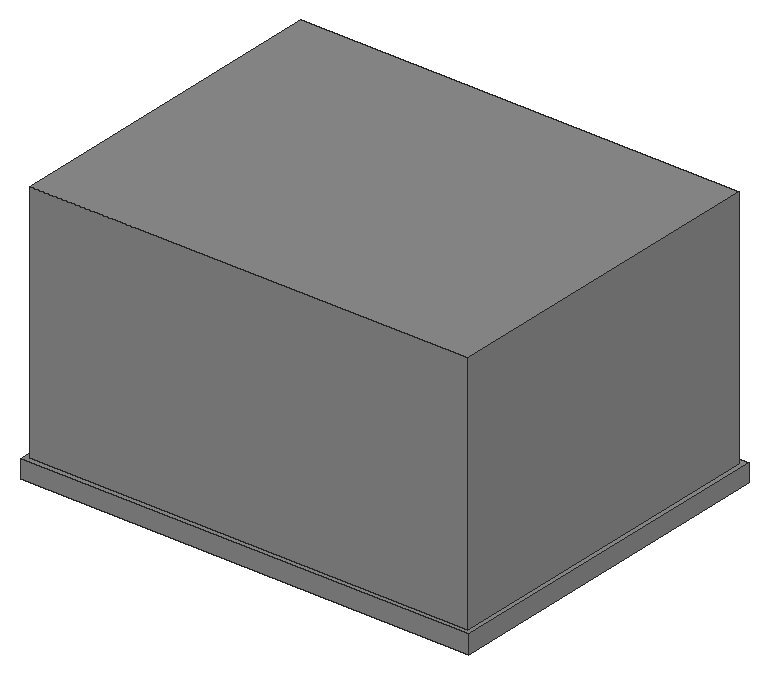
Revit family
Parameters (values of type "38AUQ25")
  PremierLink Contols [instance] = no
  Width = 5' - 7 3/8"
  Voltage = 0 V
  Version = 1
  Unit Material = Paint - Carrier - American Sterling Gray
  URL = "www.carrier.com"
  Type Comments = "20 Tons Heat Pump Outdoor Unit"
  Temperature Control [instance] = no
  Suction Connection Size = 1 3/8"
  Suction Connection Radus = Suction Connection Size / 2  # 11/16"
  Special Coated Coil Protection [instance] = no
  Right Clearance = 3' - 0"
  Programmable Thermostat [instance] = no
  Model = "38AUQ25"
  Manufacturer = "Carrier"  # constant formula
  MOCP = 0 A
  MCA = 0 A
  Convenience Outlet Non-Powered [instance] = no
  Liquid Connection Size = 1/2"
  Liquid Connection Radius = Liquid Connection Size / 2  # 1/4"
  Length = 7' - 2 3/8"
  Left Clearance = 3' - 0"
  IEER = 11
  Height = 4' - 2 3/8"
  Front Clearance = 3' - 6"
  Fan Radius = 1' - 1"
  Fan Centerline from Side = Fan Radius + 0' 4"  # 1' - 5"
  Fan Centerline from Front and Back = Fan Radius + 0' 2"  # 1' - 3"
  EER = 10.7
  Disconnect Switch [instance] = no
  Disclaimer = "Manufacturer reserves the right to change, at any time, specifications and designs without notice and without obligation.  Please verify critical parameters with local Carrier commercial sales office."  # constant formula
  Convenience Outlet [instance] = no
  Back Clearance = 3' - 0"
  Assembly Code = "D3030"
Reference planes (in)
  plane 1 "Center (Front/Back)": y = 0
  plane 2: z = 0
  plane 3 "Center (Left/Right)": x = 0
  plane 4 "Back Face of Base": y = 33.6875
  plane 5 "Front Face of Base": y = -33.6875
  plane 6 "Left Face of Base": x = -43.1875
  plane 7 "Right Face of Base": x = 43.1875
  plane 8 "Back Clearance Line": y = 69.6875
  plane 9 "Left Clearance Line": x = -79.1875
  plane 10 "Right Clearance Line": x = 79.1875
  plane 11 "Front Clearance Line": y = -75.6875
  plane 12 "Top of Unit": z = 50.375
  plane 13 "Bottom of Unit": z = 0
  plane 14 "Top of Base": z = 3.5
  plane 15 "Back Face of Unit": y = 32.6875
  plane 16 "Front Face of Unit": y = -32.6875
  plane 17 "Left Face of Unit": x = -42.1875
  plane 18 "Right Face of Unit": x = 42.1875
  plane 19 "Rear Fan Centerline": y = 17.6875
  plane 20 "Left Fan Centerline": x = -25.1875
  plane 21 "Right Fan Centerline": x = 25.1875
  plane 22 "Liquid and Section Connections - Front": y = -26.3125
  plane 23 "Suction Connection": z = 11.125
  plane 24 "Liquid Connection": z = 5.875
  plane 25 "Power Entry Centerline - Vertical": z = 29.125
  plane 26 "Convenience Outlet Centerline - Vertical": z = 17
  plane 27 "Power Entry Centerline - Horizontal": y = -28.9375
  plane 28 "Convenience Outlet Centerline - Horizontal": y = -28.1875
  plane 29 "Liquid and Section Connections - Rear": y = -20.1875
  plane 30 "Front Fan Centerline": y = -10.3125
  plane 31 "Fan Area Centerline": y = 3.6875
Forms (in)
  Extrusion 1, solid, material "Paint - Carrier - American Sterling Gray" <- "Unit Material"
    sketch origin (0, 0, 3.5) x (-1, 0, 0) y (0, -1, 0)
      loop
        line (42.1875, 32.6875) -> (-42.1875, 32.6875) -> (-42.1875, -32.6875) -> (42.1875, -32.6875) -> (42.1875, 32.6875)
    from 0 to 46.875
  Extrusion 2, solid, material "Paint - Carrier - American Sterling Gray" <- "Unit Material"
    sketch origin (0, 0, 0) x (-1, 0, 0) y (0, -1, 0)
      loop
        line (43.1875, 33.6875) -> (-43.1875, 33.6875) -> (-43.1875, -33.6875) -> (43.1875, -33.6875) -> (43.1875, 33.6875)
    from 0 to 3.5
  Extrusion 3, void
    sketch origin (-42.1875, 0, 0) x (0, 1, 0) y (0, 0, 1)
      loop
        circle (-28.9375, 29.125) r 0.75
    from 0 to 0.5
  Extrusion 4, solid, material "Paint - Carrier - American Sterling Gray"
    sketch origin (-42.1875, 0, 0) x (0, 1, 0) y (0, 0, 1)
      loop
        line (-26.9375, 15) -> (-26.9375, 19) -> (-29.4375, 19) -> (-29.4375, 15) -> (-26.9375, 15)
    from 0 to -0.0625
  Extrusion 5, solid, material "Paint - Carrier - American Sterling Gray", detail levels fine
    sketch origin (-42.1875, 0, 0) x (0, 1, 0) y (0, 0, 1)
      loop
        circle (-26.3125, 11.125) r 1
    from 0 to 0.5
  Extrusion 6, solid, material "Paint - Carrier - American Sterling Gray", detail levels fine
    sketch origin (-42.1875, 0, 0) x (0, 1, 0) y (0, 0, 1)
      loop
        circle (-20.1875, 11.125) r 1
    from 0 to -0.0625
  Extrusion 7, solid, material "Paint - Carrier - American Sterling Gray", detail levels fine
    sketch origin (-42.1875, 0, 0) x (0, 1, 0) y (0, 0, 1)
      loop
        circle (-20.1875, 5.875) r 0.75
    from 0 to 0.5
  Extrusion 8, solid, material "Paint - Carrier - American Sterling Gray", detail levels fine
    sketch origin (-42.1875, 0, 0) x (0, 1, 0) y (0, 0, 1)
      loop
        circle (-26.3125, 5.875) r 0.75
    from 0 to 0.5
Lines and regions (in)
  symbolic lines, style "Clearance Zones", detail levels fine
    curve 1: line (-79.1875, -75.6875, 0) -> (79.1875, -75.6875, 0)
    curve 2: line (-79.1875, 69.6875, 0) -> (-79.1875, -75.6875, 0)
    curve 3: line (79.1875, 69.6875, 0) -> (-79.1875, 69.6875, 0)
    curve 4: line (79.1875, -75.6875, 0) -> (79.1875, 69.6875, 0)
  model lines, detail levels medium+fine
    curve 5: line (-42.1875, -3.6875, 50.375) -> (-42.1875, -3.6875, 3.5)
    curve 6: line (-42.1875, -1.1875, 3.5) -> (-42.1875, -1.1875, 50.375)
    curve 7: line (16.3125, -32.6875, 3.5) -> (16.3125, -32.6875, 50.375)
    curve 8: line (-42.1875, -27.9375, 4.5) -> (-42.1875, -15.9375, 4.5)
    curve 9: line (-42.1875, -27.9375, 13) -> (-42.1875, -27.9375, 4.5)
    curve 10: line (-42.1875, -15.9375, 13) -> (-42.1875, -27.9375, 13)
    curve 11: line (-42.1875, -15.9375, 4.5) -> (-42.1875, -15.9375, 13)
    curve 12: line (1.8125, -32.6875, 50.375) -> (1.8125, -32.6875, 3.5)
    curve 13: line (13.8125, -32.6875, 50.375) -> (13.8125, -32.6875, 3.5)
    curve 14: line (-42.1875, -24.6875, 50.375) -> (42.1875, -24.6875, 50.375)
Dimensions and locks (in)
  equal spacing: plane 6 "Left Face of Base", plane 3 "Center (Left/Right)", plane 7 "Right Face of Base"
  "Length": plane 6 "Left Face of Base" to plane 7 "Right Face of Base"
  equal spacing: plane 4 "Back Face of Base", plane 1 "Center (Front/Back)", plane 5 "Front Face of Base"
  "Width": plane 4 "Back Face of Base" to plane 5 "Front Face of Base"
  "Left Clearance": plane 9 "Left Clearance Line" to plane 6 "Left Face of Base"
  "Right Clearance": plane 7 "Right Face of Base" to plane 10 "Right Clearance Line"
  "Back Clearance": plane 8 "Back Clearance Line" to plane 4 "Back Face of Base"
  "Front Clearance": plane 5 "Front Face of Base" to plane 11 "Front Clearance Line"
  "Height": plane 12 "Top of Unit" to level
  locked: plane 14 "Top of Base" to plane 13 "Bottom of Unit" at 3.5
  locked: plane 4 "Back Face of Base" to plane 15 "Back Face of Unit" at 1
  locked: plane 16 "Front Face of Unit" to plane 5 "Front Face of Base" at 1
  locked: plane 6 "Left Face of Base" to plane 17 "Left Face of Unit" at 1
  locked: plane 18 "Right Face of Unit" to plane 7 "Right Face of Base" at 1
  "Fan Centerline from Side": plane 17 "Left Face of Unit" to plane 20 "Left Fan Centerline"
  "Fan Centerline from Side": plane 21 "Right Fan Centerline" to plane 18 "Right Face of Unit"
  locked: curve 5 to plane 5 "Front Face of Base" at 30
  locked: curve 6 to curve 5 at 2.5
  locked: curve 8 to plane 14 "Top of Base" at 1
  locked: curve 10 to plane 13 "Bottom of Unit" at 13
  locked: plane 16 "Front Face of Unit" to curve 9 at 4.75
  locked: curve 9 to curve 11 at 12
  locked: plane 5 "Front Face of Base" to plane 22 "Liquid and Section Connections - Front" at 7.375
  locked: plane 24 "Liquid Connection" to plane 13 "Bottom of Unit" at 5.875
  locked: plane 23 "Suction Connection" to plane 13 "Bottom of Unit" at 11.125
  locked: plane 12 "Top of Unit" to plane 25 "Power Entry Centerline - Vertical" at 21.25
  locked: plane 26 "Convenience Outlet Centerline - Vertical" to plane 13 "Bottom of Unit" at 17
  locked: plane 27 "Power Entry Centerline - Horizontal" to plane 16 "Front Face of Unit" at 3.75
  locked: plane 28 "Convenience Outlet Centerline - Horizontal" to plane 16 "Front Face of Unit" at 4.5
  Extrusion 4 sketch curve to plane 28 "Convenience Outlet Centerline - Horizontal" to Extrusion 4 sketch curve = 0' - 1 1/4" locked, 0' - 1 1/4" locked
  Extrusion 4 sketch curve to plane 26 "Convenience Outlet Centerline - Vertical" to Extrusion 4 sketch curve = 0' - 2" locked, 0' - 2" locked
  locked: plane 22 "Liquid and Section Connections - Front" to plane 29 "Liquid and Section Connections - Rear" at 6.125
  locked: curve 12 to curve 13 at 12
  locked: curve 13 to curve 7 at 2.5
  locked: curve 12 to plane 17 "Left Face of Unit" at 44
  locked: curve 14 to plane 16 "Front Face of Unit" at 8
  locked: plane 31 "Fan Area Centerline" to plane 30 "Front Fan Centerline" at 14
  locked: plane 19 "Rear Fan Centerline" to plane 31 "Fan Area Centerline" at 14
  locked: plane 15 "Back Face of Unit" to plane 19 "Rear Fan Centerline" at 15
  radius of Extrusion 3 sketch curve = 0' - 0 3/4"
  radius of Extrusion 5 sketch curve = 0' - 1"
  radius of Extrusion 6 sketch curve = 0' - 1"
  radius of Extrusion 7 sketch curve = 0' - 0 3/4"
  radius of Extrusion 8 sketch curve = 0' - 0 3/4"
  aligned and locked: level to plane 2
  aligned and locked: plane 8 "Back Clearance Line" to curve 3
  aligned and locked: plane 10 "Right Clearance Line" to curve 4
  aligned and locked: curve 1 to plane 11 "Front Clearance Line"
  aligned and locked: curve 2 to plane 9 "Left Clearance Line"
  aligned and locked: level to plane 13 "Bottom of Unit"
  aligned and locked: plane 15 "Back Face of Unit" to Extrusion 1
  aligned and locked: plane 18 "Right Face of Unit" to Extrusion 1
  aligned and locked: Extrusion 1 to plane 16 "Front Face of Unit"
  aligned and locked: Extrusion 1 to plane 17 "Left Face of Unit"
  aligned and locked: Extrusion 1 to plane 14 "Top of Base"
  aligned and locked: plane 12 "Top of Unit" to Extrusion 1
  aligned and locked: Extrusion 2 to plane 6 "Left Face of Base"
  aligned and locked: plane 4 "Back Face of Base" to Extrusion 2
  aligned and locked: plane 7 "Right Face of Base" to Extrusion 2
  aligned and locked: Extrusion 2 to plane 5 "Front Face of Base"
  aligned and locked: Extrusion 2 to plane 13 "Bottom of Unit"
  aligned and locked: plane 14 "Top of Base" to Extrusion 2
  aligned and locked: plane 12 "Top of Unit" to curve 5
  aligned and locked: plane 14 "Top of Base" to curve 5
  aligned and locked: plane 12 "Top of Unit" to curve 6
  aligned and locked: plane 14 "Top of Base" to curve 6
  aligned and locked: plane 12 "Top of Unit" to curve 7
  aligned and locked: plane 14 "Top of Base" to curve 7
  aligned and locked: plane 25 "Power Entry Centerline - Vertical" to Extrusion 3 sketch curve
  aligned and locked: plane 27 "Power Entry Centerline - Horizontal" to Extrusion 3 sketch curve
  aligned and locked: plane 17 "Left Face of Unit" to Extrusion 4
  aligned and locked: plane 14 "Top of Base" to curve 13
  aligned and locked: plane 14 "Top of Base" to curve 12
  aligned and locked: plane 12 "Top of Unit" to curve 13
  aligned and locked: plane 12 "Top of Unit" to curve 12
  aligned and locked: plane 23 "Suction Connection" to Extrusion 5 sketch curve
  aligned and locked: plane 22 "Liquid and Section Connections - Front" to Extrusion 5 sketch curve
  aligned and locked: plane 29 "Liquid and Section Connections - Rear" to Extrusion 6 sketch curve
  aligned and locked: plane 23 "Suction Connection" to Extrusion 6 sketch curve
  aligned and locked: Extrusion 5 to plane 17 "Left Face of Unit"
  aligned and locked: Extrusion 3 to plane 17 "Left Face of Unit"
  aligned and locked: plane 24 "Liquid Connection" to Extrusion 7 sketch curve
  aligned and locked: plane 29 "Liquid and Section Connections - Rear" to Extrusion 7 sketch curve
  aligned and locked: Extrusion 7 to plane 17 "Left Face of Unit"
  aligned and locked: plane 22 "Liquid and Section Connections - Front" to Extrusion 8 sketch curve
  aligned and locked: plane 24 "Liquid Connection" to Extrusion 8 sketch curve
  aligned and locked: Extrusion 8 to plane 17 "Left Face of Unit"
  aligned and locked: plane 18 "Right Face of Unit" to curve 14
  aligned and locked: plane 17 "Left Face of Unit" to curve 14
  aligned and locked: plane 3 "Center (Left/Right)" to nested 2
  aligned and locked: plane 3 "Center (Left/Right)" to nested 3
  aligned and locked: plane 21 "Right Fan Centerline" to nested 4
  aligned and locked: plane 20 "Left Fan Centerline" to nested 1
  aligned and locked: nested 1 to plane 31 "Fan Area Centerline"
  aligned and locked: nested 4 to plane 31 "Fan Area Centerline"
  aligned and locked: nested 2 to plane 19 "Rear Fan Centerline"
  aligned and locked: nested 3 to plane 30 "Front Fan Centerline"
Automatic sketch dimensions
  Extrusion 1 sketch curve to plane 18 "Right Face of Unit" = 0' - 0"
  plane 17 "Left Face of Unit" to Extrusion 1 sketch curve = 0' - 0"
  Extrusion 1 sketch curve to plane 15 "Back Face of Unit" = 0' - 0"
  plane 16 "Front Face of Unit" to Extrusion 1 sketch curve = 0' - 0"
  plane 7 "Right Face of Base" to Extrusion 2 sketch curve = 0' - 0"
  Extrusion 2 sketch curve to plane 6 "Left Face of Base" = 0' - 0"
  plane 4 "Back Face of Base" to Extrusion 2 sketch curve = 0' - 0"
  Extrusion 2 sketch curve to plane 5 "Front Face of Base" = 0' - 0"
Nested families (in)
  nested 1: "Fan-Grill-Carrier" at (-25.1875, 3.6875, 50.375), built-in parameter 1001364 <- "Height", type "Fan-Grill-Carrier", detail levels medium+fine
  nested 2: "Fan-Grill-Carrier" at (0, 17.6875, 50.375), built-in parameter 1001364 <- "Height", type "Fan-Grill-Carrier", detail levels medium+fine
  nested 3: "Fan-Grill-Carrier" at (0, -10.3125, 50.375), built-in parameter 1001364 <- "Height", type "Fan-Grill-Carrier", detail levels medium+fine
  nested 4: "Fan-Grill-Carrier" at (25.1875, 3.6875, 50.375), built-in parameter 1001364 <- "Height", type "Fan-Grill-Carrier", detail levels medium+fine
Connectors (in)
  electrical at (-42.1875, -28.9375, 29.125)
    settings: on Extrusion 3, index 5, voltage 0 V, apparent load 0 VA, apparent load phase1 0 VA, apparent load phase2 0 VA, apparent load phase3 0 VA, power factor 1, load classification "Motor", number of poles 3, system type 30, power factor state 1, is connector primary yes, connector utility no, sub classification motor no, connector description "Primary Power"
  piping at (-42.1875, -26.3125, 5.875), driven by "Liquid Connection Radius"
    settings: on Extrusion 8, index 7, connector radius 1/4", flow factor 0, pipe flow 0 GPM, pressure drop 0.00 psi, fitting loss kfactor 0, connector angle 0.00°, fixture units 0, flow configuration 1, flow direction 2, fitting loss method 0, system type 22, connector reference index -1, connector utility 0, adjustable connector no, is connector primary yes, fitting loss table "", connector description "Front Liquid Connection"
  piping at (-42.1875, -26.3125, 11.125), driven by "Suction Connection Radus"
    settings: on Extrusion 5, index 8, connector radius 11/16", flow factor 0, pipe flow 0 GPM, pressure drop 0.00 psi, fitting loss kfactor 0, connector angle 0.00°, fixture units 0, flow configuration 1, flow direction 1, fitting loss method 0, system type 22, connector reference index -1, connector utility 0, adjustable connector no, is connector primary no, fitting loss table "", connector description "Front Suction Connection"
  piping at (-42.1875, -20.1875, 5.875), driven by "Liquid Connection Radius"
    settings: on Extrusion 7, index 9, connector radius 1/4", flow factor 0, pipe flow 0 GPM, pressure drop 0.00 psi, fitting loss kfactor 0, connector angle 0.00°, fixture units 0, flow configuration 1, flow direction 2, fitting loss method 0, system type 22, connector reference index -1, connector utility 0, adjustable connector no, is connector primary no, fitting loss table "", connector description "Rear Liquid Connection"
  piping at (-42.25, -20.1875, 11.125), driven by "Suction Connection Radus"
    settings: on Extrusion 6, index 10, connector radius 11/16", flow factor 0, pipe flow 0 GPM, pressure drop 0.00 psi, fitting loss kfactor 0, connector angle 0.00°, fixture units 0, flow configuration 1, flow direction 1, fitting loss method 0, system type 22, connector reference index -1, connector utility 0, adjustable connector no, is connector primary no, fitting loss table "", connector description "Rear Suction Connection"
Definition of nested family "Fan-Grill-Carrier"
  Parameters (values of type "OutdoorFan")
    Fan Radius = 0' - 11"
    Fan 3rd Circle Radius = Fan Radius * 0.75  # 0' - 8 1/4"
    Fan 2nd Circle Radius = Fan Radius * 0.5  # 0' - 5 1/2"
    Fan Inner Circle Radius = Fan Radius * 0.25  # 0' - 2 3/4"
    Assembly Code = ""
  Reference planes (in)
    plane 1 "Center (Front/Back)": y = 0
    plane 2: z = 0
    plane 3 "Center (Left/Right)": x = 0
  Lines and regions (in)
    model lines, style "Fan", detail levels medium+fine
      curve 1: circle (0, 0, 0) r 11 normal (0, 0, 1)
      curve 2: circle (0, 0, 0) r 5.5 normal (0, 0, 1)
      curve 3: circle (0, 0, 0) r 2.75 normal (0, 0, 1)
      curve 4: circle (0, 0, 0) r 8.25 normal (0, 0, 1)
  Dimensions and locks (in)
    "Fan Radius": radius of curve 1
    "Fan 3rd Circle Radius": radius of curve 4
    "Fan Inner Circle Radius": radius of curve 3
    "Fan 2nd Circle Radius": radius of curve 2
    aligned and locked: level to plane 2
  Automatic sketch dimensions
    curve 1 to curve 3 = 0' - 0"  (x2)
    curve 2 to curve 4 = 0' - 0"  (x2)
    curve 3 to curve 4 = 0' - 0"  (x2)
    plane 1 "Center (Front/Back)" to curve 2 = 0' - 0"
    curve 2 to plane 3 "Center (Left/Right)" = 0' - 0"
